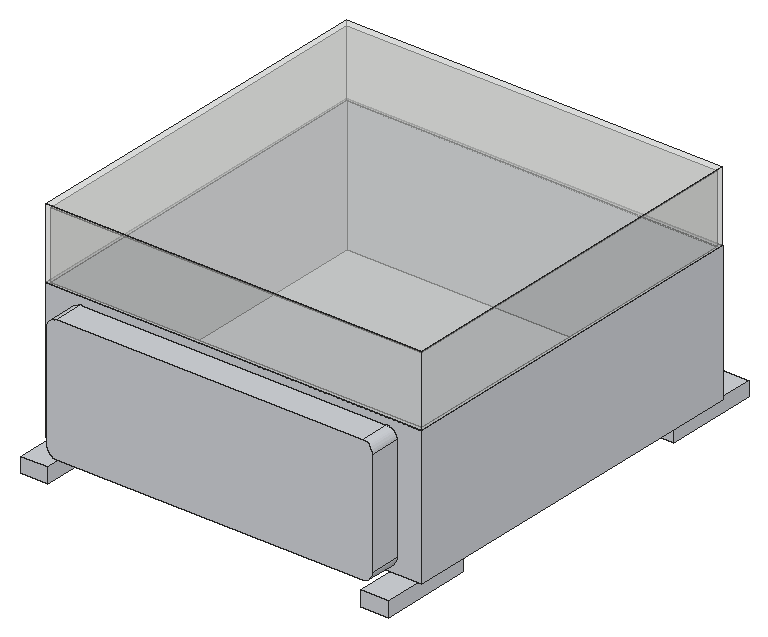
Revit family "PV Systemlösung Typ 1+2 für WR mit 2 MPP_3MPP-Tracker", category Generic Models, Revit 2015
Parameters (values of type "VG-BCPV 900K 333")
  Width 1 = 0 mm
  Width = 300 mm
  URL = "http://www.obo-bettermann.com"
  Material 2 = PC 2
  Material = PC
  Manufacturer Art.No. = "5088579"
  Manufacturer = "OBO Bettermann"
  Length 1 = 0 mm
  Length = 300 mm
  Height 1 = 110 mm
  Height = 166.5 mm
  GTIN = "4012196037476"
  Article Type = "VG-BCPV 900K 333"
Types (3, lengths in mm): name | Manufacturer Art.No. | GTIN | Article Type
  (no name) | "5088579" | "4012196037476" | "VG-BCPV 900K 333"
  VG-BCPV 900K 330 | "5088576" | "4012196037438" | "VG-BCPV 900K 330"
  VG-BCPV 900K 333 | "5088579" | "4012196037476" | "VG-BCPV 900K 333"
Reference planes
  plane 1 "Center (Front/Back)": y = 0
  plane 2: z = 0
  plane 3 "Center (Left/Right)": x = 0
  plane 4: z = 12
  plane 5: z = 122
  plane 6: z = 178.5
  plane 7: y = -174
  plane 8: z = 175.8
  plane 9: z = 16.1
Forms (mm)
  Extrusion 1, solid
    sketch origin (0, 0, 0) x (1, 0, 0) y (0, 1, 0)
      loop
        line (125, 179.5) -> (125, 105.5) -> (147, 105.5) -> (147, 179.5) -> (125, 179.5)
      loop
        line (-147, 179.5) -> (-147, 105.5) -> (-125, 105.5) -> (-125, 179.5) -> (-147, 179.5)
      loop
        line (-147, -105.5) -> (-147, -179.5) -> (-125, -179.5) -> (-125, -105.5) -> (-147, -105.5)
      loop
        line (125, -105.5) -> (125, -179.5) -> (147, -179.5) -> (147, -105.5) -> (125, -105.5)
    from 0 to 12
  Extrusion 2, solid
    sketch origin (0, 0, 0) x (1, 0, 0) y (0, 1, 0)
      loop
        line (-150, 150) -> (-150, -150) -> (150, -150) -> (150, 150) -> (-150, 150)
    from 12 to 122
  Extrusion 3, solid, material "PC 2" <- "Material 2"
    sketch origin (0, 0, 0) x (1, 0, 0) y (0, 1, 0)
      loop
        line (150, 150) -> (-150, 150) -> (-150, -150) -> (150, -150) -> (150, 150)
    from 122 to 178.5
  Extrusion 4, solid
    sketch origin (0, 0, 0) x (1, 0, 0) y (0, 0, 1)
      loop
        arc (-121.961, 116) -> (-127.645, 113.645) -> (-130, 107.961) r 8.039
        line (-130, 107.961) -> (-130, 23.991)
        arc (-130, 23.991) -> (-127.66, 18.34) -> (-122.009, 16) r 7.991
        line (-122.009, 16) -> (121.973, 16)
        arc (121.973, 16) -> (127.649, 18.351) -> (130, 24.027) r 8.027
        line (130, 24.027) -> (130, 108.024)
        arc (130, 108.024) -> (127.664, 113.664) -> (122.024, 116) r 7.976
        line (122.024, 116) -> (-121.961, 116)
    from 150 to 174
  Extrusion 5, void
    sketch origin (0, 0, 0) x (1, 0, 0) y (0, 1, 0)
      loop
        line (-148, 148) -> (-148, -148) -> (148, -148) -> (148, 148) -> (-148, 148)
    from 16 to 175.8
Cuts and joins
  Extrusion 5 cuts Extrusion 1
  Extrusion 5 cuts Extrusion 2
  Extrusion 5 cuts Extrusion 3
Dimensions and locks
  locked: Extrusion 1 sketch curve to Extrusion 1 sketch curve at 22  (x2)
  locked: Extrusion 1 sketch curve to Extrusion 1 sketch curve at 74  (x2)
  locked: Extrusion 1 sketch curve to Extrusion 1 sketch curve at 250
  locked: Extrusion 1 sketch curve to plane 3 "Center (Left/Right)" at 125
  locked: Extrusion 1 sketch curve to plane 1 "Center (Front/Back)" at 105.5  (x2)
  locked: plane 4 to level at 12
  "Width": Extrusion 2 sketch curve to Extrusion 2 sketch curve  (x2)
  equal spacing: Extrusion 2 sketch curve, plane 3 "Center (Left/Right)", Extrusion 2 sketch curve, locked at 150 each
  equal spacing: Extrusion 2 sketch curve, plane 1 "Center (Front/Back)", Extrusion 2 sketch curve
  "Height 1": plane 5 to plane 4
  "Height": plane 6 to plane 4
  locked: Extrusion 4 sketch curve to Extrusion 4 sketch curve at 260
  equal spacing: Extrusion 4 sketch curve, plane 3 "Center (Left/Right)", Extrusion 4 sketch curve, locked at 130 each
  locked: Extrusion 4 sketch curve to Extrusion 4 sketch curve at 100
  locked: Extrusion 4 sketch curve to Extrusion 2 at 4
  locked: Extrusion 3 to plane 7 at 324
  locked: Extrusion 3 to Extrusion 5 sketch curve at 2  (x2)
  locked: Extrusion 5 sketch curve to Extrusion 3 at 2  (x2)
  locked: plane 6 to plane 8 at 2.7
  locked: plane 9 to plane 4 at 4.1
  aligned and locked: level to plane 2
  aligned and locked: Extrusion 1 sketch curve to Extrusion 1 sketch curve  (x8)
  aligned and locked: Extrusion 1 to level
  aligned and locked: plane 4 to Extrusion 1
  aligned and locked: Extrusion 2 to Extrusion 1
  aligned and locked: plane 5 to Extrusion 2
  aligned and locked: Extrusion 3 to Extrusion 2
  aligned and locked: plane 6 to Extrusion 3
  aligned and locked: Extrusion 4 to Extrusion 2
  aligned and locked: Extrusion 4 to plane 7
  aligned and locked: plane 8 to Extrusion 5
  aligned and locked: Extrusion 5 to Extrusion 4
Automatic sketch dimensions
  Extrusion 4 sketch curve to Extrusion 4 sketch curve = 7.991 mm
  Extrusion 4 sketch curve to Extrusion 4 sketch curve = 8.039 mm
  Extrusion 4 sketch curve to Extrusion 4 sketch curve = 8.027 mm
  Extrusion 4 sketch curve to Extrusion 4 sketch curve = 7.976 mm
  Extrusion 3 sketch curve to plane 3 "Center (Left/Right)" = 150 mm
  plane 7 to Extrusion 3 sketch curve = 24 mm
  plane 3 "Center (Left/Right)" to Extrusion 3 sketch curve = 150 mm
  Extrusion 3 sketch curve to plane 1 "Center (Front/Back)" = 150 mm
